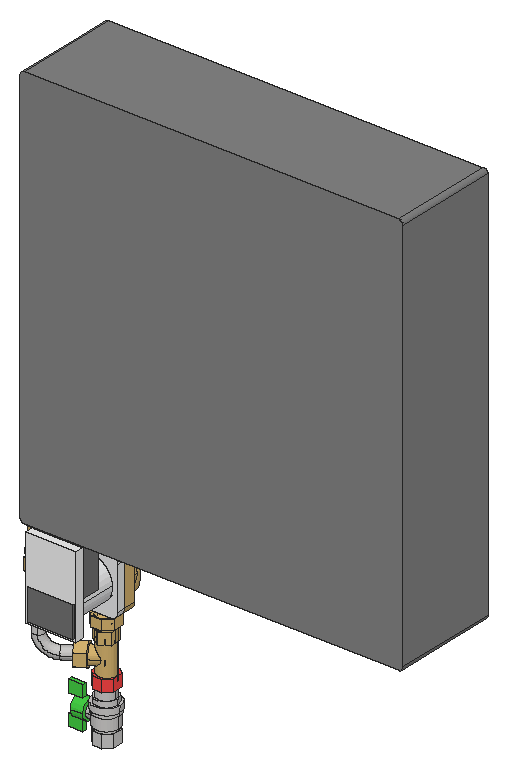
Revit family "Evoflat FSS_Circulation_RFA_1", category Mechanical Equipment, Revit 2019
Family settings
  Round Connector Dimension = Use Diameter
  Classification = None
  Part Type = Normal
  OmniClass Number = 23.75.65.11.11
  OmniClass Title = Heating Controllers
  Work Plane-Based = No
  Always vertical = Yes
  Cut with Voids When Loaded = No
  Shared = No
  Room Calculation Point = No
Parameters (values of type "Evoflat FSS_Type 1_Cu_Circulation_145B0900")
  With Front Insulation = no
  Weight = 10.00 kg  # constant formula
  W1 = 44 mm  # constant formula
  W = 150 mm  # constant formula
  Voltage = 230 V  # constant formula
  URL = ""
  Type Image = <None>
  Type Comments = ""
  Top [instance] = if(or(Clearance Zone Visibility, Clearance Zone Top Visibility), 1 = 1, 1 = 0)  # no
  Right [instance] = if(or(Clearance Zone Visibility, Clearance Zone Right Visibility), 1 = 1, 1 = 0)  # no
  Pressure Drop (HE) [instance] = 0.0 Pa
  Pressure Drop (DHW) [instance] = 0.0 Pa
  Pressure Drop (DH) [instance] = 0.0 Pa
  Pressure Drop (DCW) [instance] = 0.0 Pa
  Pressure Drop (Circulation) [instance] = 0.0 Pa
  Nut size = 30 mm  # constant formula
  Nominal Pressure = "PN 10"  # constant formula
  Model Type = "Evoflat FSS_Type 1_Cu_Circulation"
  Model = "145B0900"
  Max Supply Temperature = "95 °C"  # constant formula
  Manufacturer = "Danfoss"  # constant formula
  Left [instance] = if(or(Clearance Zone Visibility, Clearance Zone Left Visibility), 1 = 1, 1 = 0)  # no
  LOD 350 = not(LOD 200)  # yes
  LOD 200 = no
  L1a = 43 mm  # constant formula
  L1 = 112 mm  # constant formula
  L = 545 mm  # constant formula
  Insulation Material = Danfoss EPP insulation
  IfcExportType = "EvoFlat FSS"  # constant formula
  IfcExportAs = "IfcFlowController"  # constant formula
  Heating Total Pressure Loss Primary = "8 kPa"  # constant formula
  Heating Flow Rate Supply = "645 l/h"  # constant formula
  Heating Circuit dT = "20 °C"  # constant formula
  Heating Capacity = 15 kW  # constant formula
  HEX material = Danfoss Copper
  H4 = 312.6 mm  # constant formula
  H3 = 575 mm  # constant formula
  H2 = 13 mm  # constant formula
  H1 = 5 mm  # constant formula
  H [instance] = H3 + H4  # 887.6 mm
  Front Insulation = if(and(With Front Insulation, LOD 350), 1 = 1, 1 = 0)  # no
  Front [instance] = if(or(Clearance Zone Visibility, Clearance Zone Front Visibility), 1 = 1, 1 = 0)  # no
  Flow (HE) [instance] = 0.0 L/s
  Flow (DHW) [instance] = 0.0 L/s
  Flow (DH) [instance] = 0.0 L/s
  Flow (DCW) [instance] = 0.0 L/s
  Flow (Circulation) [instance] = 0.0 L/s
  Description = "Flat Station"  # constant formula
  DHW capacity = 43 kW
  DHW Temperature DHS/DHR = "65/22 °C"
  DHW Tap Load 50°C = "15.3 l/min"
  DHW Pressure Loss Primary = "40 kPa"
  DHW Flow Rate Primary = "850 l/h"
  D = 20 mm  # constant formula
  Connection = "G 3/4 Internal Thread"  # constant formula
  Clearance Zone Visibility [instance] = no
  Clearance Zone Top Visibility [instance] = no
  Clearance Zone Top [instance] = 25 mm  # constant formula
  Clearance Zone Right Visibility [instance] = no
  Clearance Zone Right [instance] = 50 mm  # constant formula
  Clearance Zone Left Visibility [instance] = no
  Clearance Zone Left [instance] = 50 mm  # constant formula
  Clearance Zone Front Visibility [instance] = no
  Clearance Zone Front [instance] = 150 mm  # constant formula
  Clearance Zone Bottom Visibility [instance] = no
  Clearance Zone Bottom [instance] = 25 mm  # constant formula
  Circulation Pump = 1 = 1  # yes
  Bottom [instance] = if(or(Clearance Zone Visibility, Clearance Zone Bottom Visibility), 1 = 1, 1 = 0)  # no
  Assembly Code = ""
Types (9, lengths in mm): name | With Front Insulation | Model Type | Model | HEX material | Front Insulation | DHW capacity | DHW Temperature DHS/DHR | DHW Tap Load 50°C | DHW Pressure Loss Primary | DHW Flow Rate Primary
  Evoflat FSS_Type 1_Cu_Circulation_145B0900 | no | "Evoflat FSS_Type 1_Cu_Circulation" | "145B0900" | Danfoss Copper | no | 43 kW | "65/22 °C" | "15.3 l/min" | "40 kPa" | "850 l/h"
  Evoflat FSS_Type 2_Cu_Circulation_145B0903 | no | "Evoflat FSS_Type 2_Cu_Circulation" | "145B0903" | Danfoss Copper | no | 49 kW | "65/21 °C" | "17.5 l/min" | "30 kPa" | "950 l/h"
  Evoflat FSS_Type 3_Cu_Circulation_145B0907 | no | "Evoflat FSS_Type 3_Cu_Circulation" | "145B0907" | Danfoss Copper | no | 55 kW | "65/16 °C" | "19.4 l/min" | "27 kPa" | "950 l/h"
  Evoflat FSS_Type 1_Cu_Ins_Circulation_145B0910 | yes | "Evoflat FSS_Type 1_Cu_Ins_Circulation" | "145B0910" | Danfoss Copper | yes | 43 kW | "65/22 °C" | "15.3 l/min" | "40 kPa" | "850 l/h"
  Evoflat FSS_Type 2_Cu_Ins_Circulation_145B0913 | yes | "Evoflat FSS_Type 2_Cu_Ins_Circulation" | "145B0913" | Danfoss Copper | yes | 49 kW | "65/21 °C" | "17.5 l/min" | "30 kPa" | "950 l/h"
  Evoflat FSS_Type 3_Cu_Ins_Circulation_145B0917 | yes | "Evoflat FSS_Type 3_Cu_Ins_Circulation" | "145B0917" | Danfoss Copper | yes | 55 kW | "65/16 °C" | "19.4 l/min" | "27 kPa" | "950 l/h"
  Evoflat FSS_Type 1_StS_Ins_Circulation_145B0969 | yes | "Evoflat FSS_Type 1_StS_Ins_Circulation" | "145B0969" | Danfoss Stainless Steel | yes | 43 kW | "65/22 °C" | "15.3 l/min" | "40 kPa" | "850 l/h"
  Evoflat FSS_Type 2_StS_Ins_Circulation_145B0970 | yes | "Evoflat FSS_Type 2_StS_Ins_Circulation" | "145B0970" | Danfoss Stainless Steel | yes | 49 kW | "65/21 °C" | "17.5 l/min" | "30 kPa" | "950 l/h"
  Evoflat FSS_Type 3_StS_Ins_Circulation_145B0971 | yes | "Evoflat FSS_Type 3_StS_Ins_Circulation" | "145B0971" | Danfoss Stainless Steel | yes | 55 kW | "65/16 °C" | "19.4 l/min" | "27 kPa" | "950 l/h"
Reference planes
  plane 1 "Center (Front/Back)": y = 0
  plane 2: z = 0
  plane 3 "Center (Left/Right)": x = 0
  plane 4: y = -44
  plane 5: x = -272.5
  plane 6: x = 272.5
  plane 7: z = 575
  plane 8: y = -150
  plane 9: z = 5
  plane 10: z = -13
  plane 11: x = -160.5
  plane 12: x = 229.5
  plane 13: y = -41.5
Forms (mm)
  Extrusion 1, solid, material "Danfoss EPP insulation", visible <- "LOD 200"
    sketch origin (0, 0, 0) x (1, 0, 0) y (0, 0, 1)
      loop
        line (-272.5, 575) -> (-272.5, 0) -> (272.5, 0) -> (272.5, 575) -> (-272.5, 575)
    from 0 to 150 <- "W"
  Extrusion 2, solid, material "Danfoss Brass"
    sketch origin (8.5, 0, -5) x (1, 0, 0) y (0, 1, 0)
      loop
        line (-169, -26.679) -> (-184, -35.34) -> (-184, -52.66) -> (-169, -61.321) -> (-154, -52.66) -> (-154, -35.34) -> (-169, -26.679)
    from -8 to 10
  Extrusion 3, solid, visible <- "Front"
    sketch origin (15, -150, 238.394) x (1, 0, 0) y (0, 0, 1)
      loop
        line (-287.5, 336.606) -> (-287.5, -238.394) -> (257.5, -238.394) -> (257.5, 336.606) -> (-287.5, 336.606)
    from 150 <- "Clearance Zone Front" to 0
  Extrusion 4, solid, visible <- "Right"
    sketch origin (0, 0, 0) x (1, 0, 0) y (0, 0, 1)
      loop
        line (272.5, 575) -> (272.5, 0) -> (322.5, 0) -> (322.5, 575) -> (272.5, 575)
    from 150 <- "W" to 0
  Extrusion 5, solid, visible <- "Left"
    sketch origin (0, 0, 0) x (1, 0, 0) y (0, 0, 1)
      loop
        line (-272.5, 575) -> (-322.5, 575) -> (-322.5, 0) -> (-272.5, 0) -> (-272.5, 575)
    from 150 <- "W" to 0
  Extrusion 6, solid, visible <- "Top"
    sketch origin (0, 0, 0) x (1, 0, 0) y (0, 0, 1)
      loop
        line (-272.5, 575) -> (272.5, 575) -> (272.5, 600) -> (-272.5, 600) -> (-272.5, 575)
    from 150 <- "W" to 0
  Extrusion 7, solid, visible <- "Bottom"
    sketch origin (0, 0, 0) x (1, 0, 0) y (0, 0, 1)
      loop
        line (-272.5, 0) -> (-272.5, -25) -> (272.5, -25) -> (272.5, 0) -> (-272.5, 0)
    from 150 <- "W" to 0
  Extrusion 8, solid, material "Danfoss Brass"
    sketch origin (390, 0, -5) x (1, 0, 0) y (0, 1, 0)
      loop
        line (-169, -26.679) -> (-184, -35.34) -> (-184, -52.66) -> (-169, -61.321) -> (-154, -52.66) -> (-154, -35.34) -> (-169, -26.679)
    from -8 to 10
  Extrusion 9, solid, material "Danfoss Brass"
    sketch origin (72.083, 0, -5) x (1, 0, 0) y (0, 1, 0)
      loop
        line (-169, -26.679) -> (-184, -35.34) -> (-184, -52.66) -> (-169, -61.321) -> (-154, -52.66) -> (-154, -35.34) -> (-169, -26.679)
    from -8 to 10
  Extrusion 10, solid, material "Danfoss Brass"
    sketch origin (135.667, 0, -5) x (1, 0, 0) y (0, 1, 0)
      loop
        line (-169, -26.679) -> (-184, -35.34) -> (-184, -52.66) -> (-169, -61.321) -> (-154, -52.66) -> (-154, -35.34) -> (-169, -26.679)
    from -8 to 10
  Extrusion 11, solid, material "Danfoss Brass"
    sketch origin (199.25, 0, -5) x (1, 0, 0) y (0, 1, 0)
      loop
        line (-169, -26.679) -> (-184, -35.34) -> (-184, -52.66) -> (-169, -61.321) -> (-154, -52.66) -> (-154, -35.34) -> (-169, -26.679)
    from -8 to 10
  Extrusion 12, solid, material "Danfoss Brass"
    sketch origin (262.833, 0, -5) x (1, 0, 0) y (0, 1, 0)
      loop
        line (-169, -26.679) -> (-184, -35.34) -> (-184, -52.66) -> (-169, -61.321) -> (-154, -52.66) -> (-154, -35.34) -> (-169, -26.679)
    from -8 to 10
  Extrusion 13, solid, material "Danfoss Brass"
    sketch origin (326.417, 0, -5) x (1, 0, 0) y (0, 1, 0)
      loop
        line (-169, -26.679) -> (-184, -35.34) -> (-184, -52.66) -> (-169, -61.321) -> (-154, -52.66) -> (-154, -35.34) -> (-169, -26.679)
    from -8 to 10
  Extrusion 14, solid, material "Danfoss EPP insulation" <- "Insulation Material", visible <- "LOD 350"
    sketch origin (0, 0, 0) x (1, 0, 0) y (0, 0, 1)
      loop
        arc (-266.5, 575) -> (-270.743, 573.243) -> (-272.5, 569) r 6
        line (-272.5, 569) -> (-272.5, 6)
        arc (-272.5, 6) -> (-270.743, 1.757) -> (-266.5, 0) r 6
        line (-266.5, 0) -> (266.5, 0)
        arc (266.5, 0) -> (270.743, 1.757) -> (272.5, 6) r 6
        line (272.5, 6) -> (272.5, 569)
        arc (272.5, 569) -> (270.743, 573.243) -> (266.5, 575) r 6
        line (266.5, 575) -> (-266.5, 575)
    from 150 to 0
  Extrusion 15, void
    sketch origin (0, 0, 0) x (1, 0, 0) y (0, 0, 1)
      loop
        line (-67.5, 0) -> (67.5, 0) -> (67.5, 575) -> (-67.5, 575) -> (-67.5, 0)
    from 150 to 152
  Extrusion 16, solid, material "Danfoss Plastic White", visible <- "Front Insulation"
    sketch origin (0, 0, 0) x (1, 0, 0) y (0, 0, 1)
      loop
        line (-67.5, 575) -> (-67.5, 0) -> (67.5, 0) -> (67.5, 575) -> (-67.5, 575)
    from 152 to 150
Cuts and joins
  Extrusion 15 cuts Extrusion 3
  Extrusion 15 cuts Extrusion 14
Dimensions and locks
  "Clearance Zone Right": Extrusion 4 sketch curve to Extrusion 3
  "Clearance Zone Left": Extrusion 5 sketch curve to Extrusion 3
  "H3": plane 7 to plane 2
  equal spacing: plane 6, plane 3 "Center (Left/Right)", plane 5
  "L": plane 6 to plane 5
  "W": plane 8 to plane 1 "Center (Front/Back)"
  "H1": plane 9 to level
  "H2": plane 2 to plane 10
  "W1": plane 4 to plane 1 "Center (Front/Back)"
  "L1": plane 5 to plane 11
  "Nut size": Extrusion 2 sketch curve to Extrusion 2 sketch curve  (x3)
  "L1a": plane 12 to plane 6
  "Nut size": Extrusion 8 sketch curve to Extrusion 8 sketch curve  (x3)
  equal spacing: group 1, group 3, group 4, group 5, group 6, group 7, group 2  (x3)
  "Nut size": Extrusion 9 sketch curve to Extrusion 9 sketch curve  (x3)
  "Nut size": Extrusion 10 sketch curve to Extrusion 10 sketch curve  (x3)
  "Nut size": Extrusion 11 sketch curve to Extrusion 11 sketch curve  (x3)
  "Nut size": Extrusion 12 sketch curve to Extrusion 12 sketch curve  (x3)
  "Nut size": Extrusion 13 sketch curve to Extrusion 13 sketch curve  (x3)
  locked: plane 13 to plane 1 "Center (Front/Back)" at 41.5
  level to Extrusion 14 = 575 mm
  equal spacing: Extrusion 15 sketch curve, plane 3 "Center (Left/Right)", Extrusion 15 sketch curve
  Extrusion 15 sketch curve to Extrusion 15 sketch curve = 135 mm
  "Clearance Zone Bottom": plane 2 to Extrusion 7 sketch curve
  "Clearance Zone Top": Extrusion 6 sketch curve to plane 7
  plane 11 to plane 3 "Center (Left/Right)" = 160.5 mm
  "H4": plane 2 to nested 1
  radius of Extrusion 14 sketch curve = 6 mm  (x4)
  angle Extrusion 2 sketch curve to Extrusion 2 sketch curve = 120.00°  (x3)
  angle Extrusion 8 sketch curve to Extrusion 8 sketch curve = 120.00°  (x3)
  angle Extrusion 9 sketch curve to Extrusion 9 sketch curve = 120.00°  (x3)
  angle Extrusion 10 sketch curve to Extrusion 10 sketch curve = 120.00°  (x3)
  angle Extrusion 11 sketch curve to Extrusion 11 sketch curve = 120.00°  (x3)
  angle Extrusion 12 sketch curve to Extrusion 12 sketch curve = 120.00°  (x3)
  angle Extrusion 13 sketch curve to Extrusion 13 sketch curve = 120.00°  (x3)
  aligned and locked: level to plane 2
  aligned and locked: Extrusion 3 sketch curve to Extrusion 1  (x2)
  aligned and locked: plane 2 to Extrusion 1 sketch curve
  aligned and locked: plane 5 to Extrusion 1 sketch curve
  aligned and locked: Extrusion 1 sketch curve to plane 6
  aligned and locked: plane 9 to Extrusion 2
  aligned and locked: Extrusion 2 to plane 10
  aligned and locked: plane 11 to Extrusion 2
  aligned and locked: Extrusion 14 sketch curve to plane 6
  aligned and locked: plane 8 to Extrusion 14
  aligned and locked: Extrusion 14 to plane 1 "Center (Front/Back)"
  aligned and locked: Extrusion 4 to Extrusion 15
  aligned and locked: Extrusion 3 sketch curve to plane 7
  aligned and locked: plane 2 to Extrusion 3 sketch curve
  aligned and locked: plane 2 to Extrusion 4 sketch curve
  aligned and locked: Extrusion 4 sketch curve to plane 7
  aligned and locked: plane 6 to Extrusion 4 sketch curve
  aligned and locked: Extrusion 5 sketch curve to plane 2
  aligned and locked: plane 7 to Extrusion 5 sketch curve
  aligned and locked: plane 5 to Extrusion 5 sketch curve
  aligned and locked: Extrusion 7 sketch curve to plane 2
  aligned and locked: plane 5 to Extrusion 7 sketch curve
  aligned and locked: Extrusion 7 sketch curve to plane 6
  aligned and locked: Extrusion 6 sketch curve to plane 7
  aligned and locked: Extrusion 6 sketch curve to plane 5
  aligned and locked: plane 6 to Extrusion 6 sketch curve
  aligned and locked: plane 7 to Extrusion 14
  aligned and locked: plane 7 to Extrusion 15
  aligned and locked: Extrusion 15 to level
  aligned and locked: plane 9 to Extrusion 9
  aligned and locked: Extrusion 14 to level
  aligned and locked: Extrusion 16 to Extrusion 1
  aligned and locked: Extrusion 16 to cut or joined group of Extrusion 3, Extrusion 15
  aligned and locked: plane 7 to Extrusion 1
Automatic sketch dimensions
  Extrusion 2 sketch curve to Extrusion 2 sketch curve = 15 mm
  Extrusion 8 sketch curve to Extrusion 8 sketch curve = 15 mm
  Extrusion 9 sketch curve to Extrusion 9 sketch curve = 15 mm
  Extrusion 10 sketch curve to Extrusion 10 sketch curve = 15 mm
  Extrusion 11 sketch curve to Extrusion 11 sketch curve = 15 mm
  Extrusion 12 sketch curve to Extrusion 12 sketch curve = 15 mm
  Extrusion 13 sketch curve to Extrusion 13 sketch curve = 15 mm
  Extrusion 14 sketch curve to plane 5 = 0 mm
  Extrusion 16 sketch curve to plane 3 "Center (Left/Right)" = 67.5 mm
  plane 3 "Center (Left/Right)" to Extrusion 16 sketch curve = 67.5 mm
  Extrusion 1 sketch curve to plane 7 = 0 mm
  Extrusion 14 sketch curve to plane 7 = 6 mm
  Extrusion 15 sketch curve to plane 7 = 0 mm
  Extrusion 16 sketch curve to plane 7 = 0 mm
  plane 9 to Extrusion 14 sketch curve = 1 mm
  Extrusion 15 sketch curve to plane 9 = 5 mm
  Extrusion 16 sketch curve to level = 0 mm
Nested families
  nested 1: "Circulation pump Yonos Para Z 15_7_Assembly" at (0, 0, -0.05), visible <- "Circulation Pump", type "Circulation pump Yonos Para Z 15/7"
Connectors
  piping at (-160.5, -44, -13), diameter 20, driven by "D", driven by "Flow (DCW)"
    settings: on Extrusion 2, index 1, connector inside diameter 609.6 mm, connector length 0 mm, flow factor 0, pipe flow 0.0 L/s, pressure drop 0.0 Pa, fitting loss kfactor 0, connector angle 0.00°, fixture units 0, engagement length 0 mm, angle of deflection 0.00°, flow configuration 0, flow direction 1, fitting loss method 0, system type 20, joint type 0, gender type 0, connector reference index -1, connector utility 0, adjustable connector no, is connector primary yes, connector description ""
  piping at (-96.917, -44, -13), diameter 20, driven by "D", driven by "Flow (DHW)"
    settings: on Extrusion 9, index 2, connector inside diameter 609.6 mm, connector length 0 mm, flow factor 0, pipe flow 0.0 L/s, pressure drop 0.0 Pa, fitting loss kfactor 0, connector angle 0.00°, fixture units 0, engagement length 0 mm, angle of deflection 0.00°, flow configuration 0, flow direction 2, fitting loss method 0, system type 19, joint type 0, gender type 0, connector reference index -1, connector utility 0, adjustable connector no, is connector primary no, connector description ""
  piping at (-33.333, -44, -13), diameter 20, driven by "D", driven by "Flow (DCW)"
    settings: on Extrusion 10, index 3, connector inside diameter 609.6 mm, connector length 0 mm, flow factor 0, pipe flow 0.0 L/s, pressure drop 0.0 Pa, fitting loss kfactor 0, connector angle 0.00°, fixture units 0, engagement length 0 mm, angle of deflection 0.00°, flow configuration 0, flow direction 2, fitting loss method 0, system type 20, joint type 0, gender type 0, connector reference index -1, connector utility 0, adjustable connector no, is connector primary no, connector description ""
  piping at (30.25, -44, -13), diameter 20, driven by "D", driven by "Flow (DH)"
    settings: on Extrusion 11, index 4, connector inside diameter 609.6 mm, connector length 0 mm, flow factor 0, pipe flow 0.0 L/s, pressure drop 0.0 Pa, fitting loss kfactor 0, connector angle 0.00°, fixture units 0, engagement length 0 mm, angle of deflection 0.00°, flow configuration 0, flow direction 1, fitting loss method 0, system type 7, joint type 0, gender type 0, connector reference index -1, connector utility 0, adjustable connector no, is connector primary no, connector description ""
  piping at (93.833, -44, -13), diameter 20, driven by "D", driven by "Flow (DH)"
    settings: on Extrusion 12, index 5, connector inside diameter 609.6 mm, connector length 0 mm, flow factor 0, pipe flow 0.0 L/s, pressure drop 0.0 Pa, fitting loss kfactor 0, connector angle 0.00°, fixture units 0, engagement length 0 mm, angle of deflection 0.00°, flow configuration 0, flow direction 2, fitting loss method 0, system type 8, joint type 0, gender type 0, connector reference index -1, connector utility 0, adjustable connector no, is connector primary no, connector description ""
  piping at (157.417, -44, -13), diameter 20, driven by "D", driven by "Flow (HE)"
    settings: on Extrusion 13, index 6, connector inside diameter 609.6 mm, connector length 0 mm, flow factor 0, pipe flow 0.0 L/s, pressure drop 0.0 Pa, fitting loss kfactor 0, connector angle 0.00°, fixture units 0, engagement length 0 mm, angle of deflection 0.00°, flow configuration 0, flow direction 2, fitting loss method 0, system type 7, joint type 0, gender type 0, connector reference index -1, connector utility 0, adjustable connector no, is connector primary no, connector description ""
  piping at (221, -44, -13), diameter 20, driven by "D", driven by "Flow (HE)"
    settings: on Extrusion 8, index 7, connector inside diameter 609.6 mm, connector length 0 mm, flow factor 0, pipe flow 0.0 L/s, pressure drop 0.0 Pa, fitting loss kfactor 0, connector angle 0.00°, fixture units 0, engagement length 0 mm, angle of deflection 0.00°, flow configuration 0, flow direction 1, fitting loss method 0, system type 8, joint type 0, gender type 0, connector reference index -1, connector utility 0, adjustable connector no, is connector primary no, connector description ""
  piping at (-234.466, -44, -312.6), diameter 20, driven by "D", driven by "Flow (Circulation)"
    settings: on nested 1, index 8, connector inside diameter 609.6 mm, connector length 0 mm, flow factor 0, pipe flow 0.0 L/s, pressure drop 0.0 Pa, fitting loss kfactor 0, connector angle 0.00°, fixture units 0, engagement length 0 mm, angle of deflection 0.00°, flow configuration 0, flow direction 1, fitting loss method 0, system type 19, joint type 0, gender type 0, connector reference index -1, connector utility 0, adjustable connector no, is connector primary no, connector description ""
Definition of nested family "Circulation pump Yonos Para Z 15_7_Assembly"
  Parameters (values of type "Circulation pump Yonos Para Z 15/7")
    LOD 350 = not(LOD 200)  # yes
    LOD 200 = no
  Reference planes
    plane 1 "Center (Front/Back)": y = 0
    plane 2: z = 0
    plane 3 "Center (Left/Right)": x = 0
    plane 4: y = 579
    plane 5: z = -91
    plane 6: x = -234.466
    plane 7: y = -44
    plane 8 "Plane Left 1": x = -234.466
    plane 9: z = -106
  Forms (mm)
    Extrusion 1, solid, visible <- "LOD 200"
      sketch origin (0, 0, 0) x (1, 0, 0) y (0, 0, 1)
        loop
          line (-269.752, -15.527) -> (-269.752, -131.098) -> (-199.181, -131.098) -> (-199.181, -15.527) -> (-269.752, -15.527)
      from 103.865 to 142.977
    Extrusion 2, solid
      sketch origin (0, 0, 0) x (1, 0, 0) y (0, 0, 1)
        loop
          circle (-234.466, -91) r 32
      from 63.793 to 130.516
    Extrusion 3, solid
      sketch origin (0, 0, 0) x (1, 0, 0) y (0, 0, 1)
        loop
          line (-274.966, -60.5) -> (-274.966, -121.5)
          arc (-274.966, -121.5) -> (-272.037, -128.571) -> (-264.966, -131.5) r 10
          line (-264.966, -131.5) -> (-203.966, -131.5)
          arc (-203.966, -131.5) -> (-196.895, -128.571) -> (-193.966, -121.5) r 10
          line (-193.966, -121.5) -> (-193.966, -60.5)
          arc (-193.966, -60.5) -> (-196.895, -53.429) -> (-203.966, -50.5) r 10
          line (-203.966, -50.5) -> (-264.966, -50.5)
          arc (-264.966, -50.5) -> (-272.037, -53.429) -> (-274.966, -60.5) r 10
      from 45.345 to 63.793
    Extrusion 4, solid, visible <- "LOD 350"
      sketch origin (0, 0, 0) x (1, 0, 0) y (0, 0, 1)
        loop
          circle (-234.466, -91) r 35
      from 34.225 to 45.345
    Extrusion 5, solid
      sketch origin (0, 0, 0) x (1, 0, 0) y (0, 1, 0)
        loop
          circle (-234.466, -44) r 13
      from -182.95 to -4.75
    Revolve 6, solid, visible <- "LOD 350"
      sketch origin (-234.466, 0, 0) x (0, -1, 0) y (0, 0, 1)
        loop
          line (9.225, -106) -> (9.225, -118)
          arc (9.225, -118) -> (26.725, -135.5) -> (44.225, -118) r 17.5
          line (44.225, -118) -> (44.225, -106) -> (9.225, -106)
        axis (9.225, -106) -> (44.225, -106)
      angle from 0 to 360
    Sweep 7, solid, visible <- "LOD 350"
      path origin (-234.466, 0, 0) x (0, -1, 0) y (0, 0, 1)
        loop
          line (50.534, -156.107) -> (22.019, -119.61)
      profile origin (-234.466, -36.276, -137.859) x (0, 0.788011, -0.615661) y (-1, 0, 0)
        loop
          circle (0, 0) r 12.5
    Sweep 8, solid, visible <- "LOD 350"
      path origin (-234.466, 0, -212) x (0, -1, 0) y (0, 0, -1)
        loop
          line (50.534, -156.107) -> (22.019, -119.61)
      profile origin (-234.466, -36.276, -74.141) x (0, -0.788011, -0.615661) y (-1, 0, 0)
        loop
          circle (0, 0) r 12.5
    Extrusion 9, solid, visible <- "LOD 350"
      sketch origin (0, 0, 0) x (1, 0, 0) y (0, 1, 0)
        loop
          line (-241.922, -26) -> (-252.466, -36.544) -> (-252.466, -51.456) -> (-241.922, -62) -> (-227.01, -62) -> (-216.466, -51.456) -> (-216.466, -36.544) -> (-227.01, -26) -> (-241.922, -26)
      from -34.245 to -20.762
    Extrusion 10, solid, visible <- "LOD 350"
      sketch origin (0, 0, -126.983) x (1, 0, 0) y (0, 1, 0)
        loop
          line (-241.922, -26) -> (-252.466, -36.544) -> (-252.466, -51.456) -> (-241.922, -62) -> (-227.01, -62) -> (-216.466, -51.456) -> (-216.466, -36.544) -> (-227.01, -26) -> (-241.922, -26)
      from -34.167 to -20.667
    Extrusion 11, solid, visible <- "LOD 350"
      sketch origin (0, 0, 0) x (1, 0, 0) y (0, 1, 0)
        loop
          line (-234.466, -28.989) -> (-247.466, -36.494) -> (-247.466, -51.506) -> (-234.466, -59.011) -> (-221.466, -51.506) -> (-221.466, -36.494) -> (-234.466, -28.989)
      from -20.762 to -4.75
    Extrusion 12, solid, visible <- "LOD 350"
      sketch origin (0, 0, -162.2) x (1, 0, 0) y (0, 1, 0)
        loop
          line (-234.466, -28.989) -> (-247.466, -36.494) -> (-247.466, -51.506) -> (-234.466, -59.011) -> (-221.466, -51.506) -> (-221.466, -36.494) -> (-234.466, -28.989)
      from -20.762 to -4.75
    Extrusion 13, solid
      sketch origin (0, -5.057, 0) x (1, 0, 0) y (0, 0, 1)
        loop
          line (-274.966, -60.5) -> (-274.966, -121.5)
          arc (-274.966, -121.5) -> (-272.037, -128.571) -> (-264.966, -131.5) r 10
          line (-264.966, -131.5) -> (-203.966, -131.5)
          arc (-203.966, -131.5) -> (-196.895, -128.571) -> (-193.966, -121.5) r 10
          line (-193.966, -121.5) -> (-193.966, -60.5)
          arc (-193.966, -60.5) -> (-196.895, -53.429) -> (-203.966, -50.5) r 10
          line (-203.966, -50.5) -> (-264.966, -50.5)
          arc (-264.966, -50.5) -> (-272.037, -53.429) -> (-274.966, -60.5) r 10
      from 58.736 to 69.191
    Extrusion 14, solid, visible <- "LOD 350"
      sketch origin (0, -22.988, 0) x (1, 0, 0) y (0, 0, 1)
        loop
          line (-269.752, -15.527) -> (-269.752, -131.098) -> (-199.181, -131.098) -> (-199.181, -15.527) -> (-269.752, -15.527)
      from 107.527 to 119.988
    Extrusion 15, solid, visible <- "LOD 350"
      sketch origin (0, 0, 0) x (1, 0, 0) y (0, 0, 1)
        loop
          line (-269.752, -15.527) -> (-269.752, -81) -> (-199.181, -81) -> (-199.181, -15.527) -> (-269.752, -15.527)
      from 103.865 to 130.516
    Extrusion 16, solid
      sketch origin (0, 0, 0) x (1, 0, 0) y (0, 1, 0)
        loop
          circle (-234.466, -44) r 6
      from -4.75 to 6.35
    Extrusion 17, solid, visible <- "LOD 350"
      sketch origin (0, 0, 0) x (1, 0, 0) y (0, 0, 1)
        loop
          line (-266.752, -84) -> (-266.752, -128.098) -> (-202.181, -128.098) -> (-202.181, -84) -> (-266.752, -84)
      from 142.977 to 144
  Dimensions and locks
    locked: level to plane 5 at 91
    equal spacing: Extrusion 3 sketch curve, plane 6, Extrusion 3 sketch curve
    Extrusion 3 sketch curve to Extrusion 3 sketch curve = 81 mm
    Extrusion 3 sketch curve to plane 5 to Extrusion 3 sketch curve = 40.5 mm, 40.5 mm
    locked: plane 7 to plane 1 "Center (Front/Back)" at 44
    plane 5 to plane 9 = 15 mm
    Revolve 6 sketch curve to Revolve 6 sketch curve = 12 mm
    Extrusion 13 sketch curve to Extrusion 13 sketch curve = 81 mm  (x3)
    Extrusion 15 sketch curve to plane 5 = 10 mm
    radius of Extrusion 2 sketch curve = 32 mm
    radius of Extrusion 3 sketch curve = 10 mm  (x4)
    radius of Extrusion 4 sketch curve = 35 mm
    radius of Extrusion 5 sketch curve = 13 mm
    radius of Extrusion 13 sketch curve = 10 mm  (x4)
    radius of Extrusion 16 sketch curve = 6 mm
    aligned and locked: level to plane 2
    aligned and locked: Extrusion 4 to Extrusion 3
    aligned and locked: Revolve 6 sketch curve to Revolve 6 sketch curve
    aligned and locked: Extrusion 11 to Extrusion 9
    aligned and locked: Extrusion 13 to Extrusion 2
    aligned and locked: Extrusion 14 to Extrusion 1
    aligned and locked: Extrusion 15 to Extrusion 14
    aligned and locked: Extrusion 11 to Extrusion 5
    aligned and locked: Extrusion 2 to Extrusion 14
    aligned and locked: Extrusion 16 to Extrusion 5
  Nested families
    nested 1: "T-joint" at (-53.413, 111.338, 0) x (0.866, 0.5, 0) z (0, 0, 1), type "T-joint"
    nested 2: "Ball Valve" at (0, 0, 0), type "Ball Valve"
    nested 3: "Safety Valve" at (0, 0, 0), type "Safety Valve"
  Definition of nested family "T-joint"
    Parameters (values of type "T-joint")
      LOD 350 = not(LOD 200)  # yes
      LOD 200 = no
    Reference planes
      plane 1 "Center (Front/Back)": y = 0
      plane 2: z = 0
      plane 3 "Center (Left/Right)": x = 0
      plane 4: y = 579
      plane 5: z = -91
      plane 6: x = -234.466
      plane 7 "Plane Front 1": y = -44
      plane 8 "Plane Left 1": x = -234.466
      plane 9: z = -203.85
    Forms (mm)
      Extrusion 1, solid
        sketch origin (0, 0, 0) x (1, 0, 0) y (0, 1, 0)
          loop
            circle (-234.466, -44) r 13
        from -234.277 to -175.85
      Extrusion 2, solid
        sketch origin (-234.466, 0, 0) x (0, -1, 0) y (0, 0, 1)
          loop
            circle (44, -203.85) r 12
        from 0 to 35
      Extrusion 3, solid, visible <- "LOD 350"
        sketch origin (-234.466, 0, 0) x (0, -1, 0) y (0, 0, 1)
          loop
            line (44, -186.529) -> (29, -195.19) -> (29, -212.51) -> (44, -221.171) -> (59, -212.51) -> (59, -195.19) -> (44, -186.529)
        from 20 to 35
      Sweep 4, solid
        path origin (0, -44, 0) x (1, 0, 0) y (0, 0, 1)
          loop
            line (-234.466, -203.85) -> (-285.466, -203.85)
            arc (-285.466, -203.85) -> (-303.144, -196.528) -> (-310.466, -178.85) r 25
            line (-310.466, -178.85) -> (-310.466, -91)
        profile origin (-259.966, -44, -203.85) x (0, 0, -1) y (0, -1, 0)
          loop
            circle (0, 0) r 8
    Dimensions and locks
      locked: level to plane 5 at 91
      locked: plane 7 "Plane Front 1" to plane 1 "Center (Front/Back)" at 44
      Extrusion 3 to Sweep 4 sketch curve = 41 mm
      radius of Extrusion 1 sketch curve = 13 mm
      radius of Extrusion 2 sketch curve = 12 mm
      radius of Sweep 4 sketch curve = 25 mm
      radius of Sweep 4 sketch curve = 8 mm
      aligned and locked: level to plane 2
      aligned and locked: plane 5 to Sweep 4 sketch curve
      aligned and locked: Extrusion 2 to Sweep 4 sketch curve
      aligned and locked: Extrusion 3 to Extrusion 2
  Definition of nested family "Ball Valve"
    Parameters (values of type "Ball Valve")
      LOD 350 = not(LOD 200)  # yes
      LOD 200 = no
    Reference planes
      plane 1 "Center (Front/Back)": y = 0
      plane 2: z = 0
      plane 3 "Center (Left/Right)": x = 0
      plane 4: y = 579
      plane 5: z = -91
      plane 6: x = -234.466
      plane 7 "Plane Front 1": y = -44
      plane 8 "Plane Left 1": x = -234.466
      plane 9: z = -280.55
      plane 10: z = -280.55
    Forms (mm)
      Extrusion 1, solid, visible <- "LOD 350"
        sketch origin (0, 0, -278.383) x (1, 0, 0) y (0, 1, 0)
          loop
            line (-241.094, -28) -> (-250.466, -37.373) -> (-250.466, -50.627) -> (-241.094, -60) -> (-227.839, -60) -> (-218.466, -50.627) -> (-218.466, -37.373) -> (-227.839, -28) -> (-241.094, -28)
        from -34.167 to -16.667
      Extrusion 2, solid, visible <- "LOD 350"
        sketch origin (0, 0, -220.471) x (1, 0, 0) y (0, 1, 0)
          loop
            line (-241.094, -28) -> (-250.466, -37.373) -> (-250.466, -50.627) -> (-241.094, -60) -> (-227.839, -60) -> (-218.466, -50.627) -> (-218.466, -37.373) -> (-227.839, -28) -> (-241.094, -28)
        from -20.762 to -4.279
      Revolve 3, solid, visible <- "LOD 350"
        sketch origin (0, -44, 0) x (1, 0, 0) y (0, 0, 1)
          loop
            line (-221.3, -254.05) -> (-221.3, -227.221) -> (-234.466, -227.221) -> (-234.466, -295.05) -> (-219.25, -295.05) -> (-219.25, -290.55) -> (-217, -290.55) -> (-217, -274.05) -> (-216, -274.05) -> (-216, -269.05) -> (-215, -269.05) -> (-215, -261.05) -> (-219.001, -261.05) -> (-219.001, -254.05) -> (-221.3, -254.05)
          axis (-234.466, -227.221) -> (-234.466, -295.05)
        angle from 0 to 360
      Revolve 4, solid, visible <- "LOD 200"
        sketch origin (0, -44, 0) x (1, 0, 0) y (0, 0, 1)
          loop
            line (-234.466, -312.55) -> (-219.25, -312.55) -> (-219.25, -224.75) -> (-234.466, -224.75) -> (-234.466, -312.55)
          axis (-234.466, -224.75) -> (-234.466, -312.55)
        angle from 0 to 360
      Extrusion 5, solid
        sketch origin (0, -44, 0) x (1, 0, 0) y (0, 0, 1)
          loop
            line (-266, -250.55) -> (-286, -250.55) -> (-286, -267.553) -> (-266, -267.553) -> (-266, -250.55)
          loop
            line (-266, -310.55) -> (-266, -293.594) -> (-286, -293.594) -> (-286, -310.55) -> (-266, -310.55)
        from -3 to 3
      Extrusion 6, solid
        sketch origin (-234.466, 0, 0) x (0, -1, 0) y (0, 0, 1)
          loop
            circle (44, -280.55) r 13.5
        from 23.034 to 40.5
      Extrusion 7, solid
        sketch origin (-234.466, 0, 0) x (0, -1, 0) y (0, 0, 1)
          loop
            circle (44, -280.55) r 9.5
        from 0 to 23.034
    Dimensions and locks
      locked: level to plane 5 at 91
      locked: plane 7 "Plane Front 1" to plane 1 "Center (Front/Back)" at 44
      radius of Extrusion 6 sketch curve = 13.5 mm
      radius of Extrusion 7 sketch curve = 9.5 mm
      aligned and locked: level to plane 2
      aligned and locked: Revolve 3 sketch curve to plane 8 "Plane Left 1"
      aligned and locked: Revolve 3 sketch curve to Revolve 3 sketch curve  (x2)
      aligned and locked: Revolve 4 sketch curve to plane 8 "Plane Left 1"
      aligned and locked: Revolve 4 sketch curve to Revolve 4 sketch curve
      aligned and locked: Extrusion 7 to Extrusion 6
  Definition of nested family "Safety Valve"
    Parameters (values of type "Safety Valve")
      LOD 350 = not(LOD 200)  # yes
      LOD 200 = no
    Reference planes
      plane 1 "Center (Front/Back)": y = 0
      plane 2: z = 0
      plane 3 "Center (Left/Right)": x = 0
      plane 4: y = 579
      plane 5: z = -91
      plane 6: x = -234.466
      plane 7: y = -44
      plane 8 "Plane Left 1": x = -234.466
      plane 9: y = -81.85
      plane 10 "Plane Left 2": x = -300.058
    Forms (mm)
      Extrusion 1, solid, visible <- "LOD 350"
        sketch origin (-65.592, 0, -81.388) x (1, 0, 0) y (0, 1, 0)
          loop
            line (-234.466, -64.529) -> (-249.466, -73.19) -> (-249.466, -90.51) -> (-234.466, -99.171) -> (-219.466, -90.51) -> (-219.466, -73.19) -> (-234.466, -64.529)
        from -20.762 to -4.75
      Revolve 2, solid
        sketch origin (-300.058, 0, 0) x (0, 0, 1) y (0, -1, 0)
          loop
            line (-15.15, 81.85) -> (-102.15, 81.85) -> (-102.15, 68.85) -> (-39, 68.85) -> (-39, 66.35) -> (-22.075, 66.35) -> (-22.075, 70.6) -> (-15.15, 70.6) -> (-15.15, 81.85)
          axis (-15.15, 81.85) -> (-102.15, 81.85)
        angle from 0 to 360
      Extrusion 3, solid
        sketch origin (0, 0, 0) x (1, 0, 0) y (0, 1, 0)
          loop
            circle (-300.058, -81.85) r 13.5
        from -15.15 to 6.35
      Extrusion 4, solid, visible <- "LOD 350"
        sketch origin (-65.592, 0, -59.888) x (1, 0, 0) y (0, 1, 0)
          loop
            line (-248.466, -73.767) -> (-248.466, -89.933) -> (-234.466, -98.016) -> (-220.466, -89.933) -> (-220.466, -73.767) -> (-234.466, -65.684) -> (-248.466, -73.767)
        from -20.762 to -13.762
      Extrusion 5, solid, visible <- "LOD 350"
        sketch origin (-65.592, 0, -50.896) x (1, 0, 0) y (0, 1, 0)
          loop
            line (-234.466, -66.839) -> (-247.466, -74.344) -> (-247.466, -89.356) -> (-234.466, -96.861) -> (-221.466, -89.356) -> (-221.466, -74.344) -> (-234.466, -66.839)
        from -20.762 to -7.297
    Dimensions and locks
      locked: level to plane 5 at 91
      locked: plane 7 to plane 1 "Center (Front/Back)" at 44
      radius of Extrusion 3 sketch curve = 13.5 mm
      aligned and locked: level to plane 2
      aligned and locked: plane 9 to Revolve 2 sketch curve
      aligned and locked: Revolve 2 sketch curve to Revolve 2 sketch curve  (x2)
